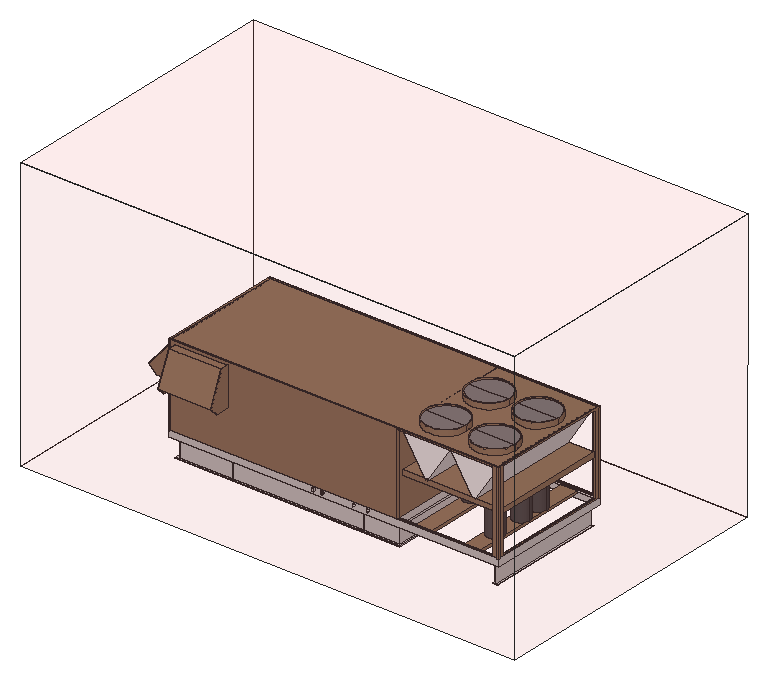
Revit family (continued)
Definition of nested family "Commercial_Comfort_Systems-Series_40-JCI-Exhaust_Standard"
  Lines and regions (in)
    model lines, style "Rain Hood", detail levels medium
      curve 11: line (-39.5, 0, 29.09375) -> (39.5, 0, 29.09375)
      curve 12: line (-39.5, 0, 0) -> (39.5, 0, 0)
      curve 13: line (-39.5, -19.60156, 6) -> (39.5, -19.60156, 6)
  Dimensions and locks (in)
    "Depth": plane 4 "Front" to plane 1 "Back"
    "Height": plane 5 "Top" to plane 2 "Bottom"
    locked: plane 4 "Front" to plane 6 "Center F/B" at 5.93
    locked: plane 7 "Bottom Inset" to plane 2 "Bottom" at 6
    locked: plane 11 "Right Inset" to plane 8 "Right" at 0.125
    locked: plane 10 "Left Inset" to plane 9 "Left" at 0.125
    "Width": plane 8 "Right" to plane 9 "Left"
    equal spacing: plane 8 "Right", plane 3 "Center (Left/Right)", plane 9 "Left"
    locked: plane 5 "Top" to plane 12 "Top Inset" at 0.1875
    locked: plane 4 "Front" to plane 13 "Front Inset" at 0.25
    equal spacing: plane 5 "Top", plane 14 "Center (Elevation)", plane 2 "Bottom"
    aligned and locked: level to plane 2 "Bottom"
    aligned and locked: plane 4 "Front" to Extrusion 1 sketch curve
    aligned and locked: plane 7 "Bottom Inset" to Extrusion 1 sketch curve
    aligned and locked: plane 6 "Center F/B" to Extrusion 1 sketch curve
    aligned and locked: Extrusion 1 sketch curve to plane 2 "Bottom"
    aligned and locked: Extrusion 1 sketch curve to plane 1 "Back"
    aligned and locked: plane 5 "Top" to Extrusion 1 sketch curve
    aligned and locked: Extrusion 1 to plane 8 "Right"
    aligned and locked: plane 11 "Right Inset" to Extrusion 1
    aligned and locked: plane 2 "Bottom" to Extrusion 2 sketch curve
    aligned and locked: plane 6 "Center F/B" to Extrusion 2 sketch curve
    aligned and locked: plane 7 "Bottom Inset" to Extrusion 2 sketch curve
    aligned and locked: plane 4 "Front" to Extrusion 2 sketch curve
    aligned and locked: Extrusion 2 sketch curve to plane 1 "Back"
    aligned and locked: Extrusion 2 sketch curve to plane 2 "Bottom"
    aligned and locked: plane 10 "Left Inset" to Extrusion 2
    aligned and locked: Extrusion 2 to plane 9 "Left"
    aligned and locked: plane 7 "Bottom Inset" to Extrusion 3 sketch curve
    aligned and locked: plane 4 "Front" to Extrusion 3 sketch curve
    aligned and locked: plane 13 "Front Inset" to Extrusion 3 sketch curve
    aligned and locked: Extrusion 3 sketch curve to plane 7 "Bottom Inset"
    aligned and locked: Extrusion 3 to plane 11 "Right Inset"
    aligned and locked: Extrusion 3 to plane 10 "Left Inset"
    aligned and locked: plane 7 "Bottom Inset" to Masking region 1 sketch curve
    aligned and locked: plane 4 "Front" to Masking region 1 sketch curve
    aligned and locked: plane 6 "Center F/B" to Masking region 1 sketch curve
    aligned and locked: plane 2 "Bottom" to Masking region 1 sketch curve
    aligned and locked: Masking region 2 sketch curve to plane 5 "Top"
    aligned and locked: plane 9 "Left" to Masking region 2 sketch curve
    aligned and locked: plane 2 "Bottom" to Masking region 2 sketch curve
    aligned and locked: plane 8 "Right" to Masking region 2 sketch curve
    aligned and locked: curve 1 to plane 7 "Bottom Inset"
    aligned and locked: plane 9 "Left" to curve 1
    aligned and locked: plane 8 "Right" to curve 1
    aligned and locked: Masking region 3 sketch curve to plane 4 "Front"
    aligned and locked: plane 8 "Right" to Masking region 3 sketch curve
    aligned and locked: plane 1 "Back" to Masking region 3 sketch curve
    aligned and locked: Masking region 3 sketch curve to plane 9 "Left"
    aligned and locked: plane 8 "Right" to curve 2
    aligned and locked: plane 9 "Left" to curve 2
    aligned and locked: plane 1 "Back" to Extrusion 1 sketch curve
    aligned and locked: Extrusion 1 to Extrusion 3 sketch curve
    aligned and locked: plane 1 "Back" to Extrusion 3 sketch curve
    aligned and locked: plane 5 "Top" to Extrusion 3 sketch curve
    aligned and locked: plane 5 "Top" to Extrusion 2 sketch curve
    aligned and locked: plane 1 "Back" to Masking region 1 sketch curve
    aligned and locked: plane 5 "Top" to Masking region 1 sketch curve
    aligned and locked: plane 6 "Center F/B" to curve 2
    aligned and locked: plane 4 "Front" to curve 4
    aligned and locked: plane 7 "Bottom Inset" to curve 8
    aligned and locked: plane 2 "Bottom" to curve 9
    aligned and locked: plane 4 "Front" to curve 9
    aligned and locked: plane 7 "Bottom Inset" to curve 10
    aligned and locked: plane 6 "Center F/B" to curve 7
    aligned and locked: plane 1 "Back" to curve 7
    aligned and locked: curve 5 to plane 2 "Bottom"
    aligned and locked: plane 2 "Bottom" to curve 3
    aligned and locked: plane 5 "Top" to curve 3
    aligned and locked: plane 1 "Back" to curve 6
    aligned and locked: curve 10 to curve 9
    aligned and locked: plane 2 "Bottom" to curve 6
    aligned and locked: plane 6 "Center F/B" to curve 5
    aligned and locked: plane 1 "Back" to curve 4
    aligned and locked: plane 5 "Top" to curve 8
    aligned and locked: plane 1 "Back" to curve 5
    aligned and locked: plane 5 "Top" to curve 6
    aligned and locked: plane 8 "Right" to curve 11
    aligned and locked: plane 8 "Right" to curve 13
    aligned and locked: plane 8 "Right" to curve 12
    aligned and locked: plane 9 "Left" to curve 11
    aligned and locked: plane 9 "Left" to curve 12
    aligned and locked: plane 9 "Left" to curve 13
    aligned and locked: curve 11 to plane 5 "Top"
    aligned and locked: curve 13 to plane 7 "Bottom Inset"
    aligned and locked: curve 12 to plane 2 "Bottom"
  Automatic sketch dimensions
    Extrusion 3 sketch curve to plane 12 "Top Inset" = 0"
Definition of nested family "Commercial_Comfort_Systems-Series_40-JCI-Compressor"
  Parameters (values of type "Compressor")
    Model = "Compressor"  # constant formula
    Manufacturer = "York"  # constant formula
    Cylinder Material = Metal - JCI - Cast Iron - Coated Black
    Assembly Code = ""
  Reference planes (in)
    plane 1 "Center (Front/Back)": y = 0
    plane 2 "Compressor Bottom": z = 0
    plane 3 "Center (Left/Right)": x = 0
    plane 4 "Compressor Top": z = 20
  Forms (in)
    Sweep 1, solid, material "Metal - JCI - Cast Iron - Coated Black" <- "Cylinder Material", detail levels fine
      path origin (0, 0, 0) x (1, 0, 0) y (0, 0, 1)
        loop
          line (0, 0) -> (0, 20)
      profile origin (0, 0, 10) x (-1, 0, 0) y (0, -1, 0)
        loop
          circle (0, 0) r 6
  Lines and regions (in)
    Masking region 1, detail levels fine
      outline origin (0, 0, 0) x (1, 0, 0) y (0, 0, 1)
        loop
          line (-6, 20) -> (-6, 0) -> (6, 0) -> (6, 20) -> (-6, 20)
    Masking region 2, detail levels fine
      outline origin (0, 0, 0) x (0, 1, 0) y (0, 0, 1)
        loop
          line (6, 20) -> (-6, 20) -> (-6, 0) -> (6, 0) -> (6, 20)
    model lines, style "Compressor Fine", detail levels medium
      curve 1: circle (0, 0, 20) r 6 normal (0, 0, 1)
      curve 2: circle (0, 0, 0) r 6 normal (0, 0, 1)
      curve 3: line (0, 6, 20) -> (0, 6, 0)
      curve 4: line (0, -6, 20) -> (0, -6, 0)
      curve 5: line (-6, 0, 20) -> (-6, 0, 0)
      curve 6: line (6, 0, 20) -> (6, 0, 0)
  Dimensions and locks (in)
    locked: curve 3 to plane 1 "Center (Front/Back)" at 6
    locked: plane 1 "Center (Front/Back)" to curve 4 at 6
    locked: curve 5 to plane 3 "Center (Left/Right)" at 6
    locked: plane 3 "Center (Left/Right)" to curve 6 at 6
    aligned and locked: plane 1 "Center (Front/Back)" to Sweep 1
    aligned and locked: curve 1 to Sweep 1
    aligned and locked: curve 2 to Sweep 1
    aligned and locked: plane 4 "Compressor Top" to curve 3
    aligned and locked: plane 4 "Compressor Top" to curve 4
    aligned and locked: plane 2 "Compressor Bottom" to curve 4
    aligned and locked: plane 2 "Compressor Bottom" to curve 3
    aligned and locked: plane 4 "Compressor Top" to curve 5
    aligned and locked: plane 4 "Compressor Top" to curve 6
    aligned and locked: plane 2 "Compressor Bottom" to curve 6
    aligned and locked: plane 2 "Compressor Bottom" to curve 5
    aligned and locked: Masking region 1 sketch curve to curve 5
    aligned and locked: Masking region 1 sketch curve to curve 1
    aligned and locked: curve 2 to Masking region 1 sketch curve
    aligned and locked: Masking region 1 sketch curve to curve 6
    aligned and locked: Masking region 2 sketch curve to plane 4 "Compressor Top"
    aligned and locked: plane 2 "Compressor Bottom" to Masking region 2 sketch curve
    aligned and locked: Masking region 2 sketch curve to curve 4
    aligned and locked: Masking region 2 sketch curve to curve 3
Definition of nested family "Commercial_Comfort_Systems-Series_40-JCI-Condenser_Fan_1"
  Parameters (values of type "Fan")
    Radius 2 = Radius - 1/4"  # 11 3/4"
    Radius = if(1 = 1, Diameter / 2, 1")  # 12"
    Height = 4"  # constant formula
    Frame Material = Paint - JCI - Powder Coated - Champagne
    Fan Blade Material = Metal - JCI - Steel - Coated Black
    Diameter = 24"
    Assembly Code = ""
    30 inch fan = Diameter = 30"  # no
  Reference planes (in)
    plane 1 "Center (Front/Back)": y = 0
    plane 2 "Bottom": z = 0
    plane 3 "Center (Left/Right)": x = 0
    plane 4 "Back": y = 12
    plane 5 "Front": y = -12
    plane 6 "Left": x = -12
    plane 7 "Right": x = 12
    plane 8 "Top": z = 4
    plane 9 "Right Inset": x = 11.75
    plane 10 "Top Inset": z = 3.5
  Forms (in)
    Revolve 1, solid, material "Metal - JCI - Steel - Coated Black" <- "Fan Blade Material", detail levels fine
      sketch origin (0, 0, 0) x (1, 0, 0) y (0, 0, 1)
        loop
          line (0, 3.5) -> (0, 0) -> (11.75, 0) -> (11.75, 3.5) -> (0, 3.5)
        axis (0, 3.5) -> (0, 0)
      angle from 0 to 360
    Revolve 2, solid, material "Paint - JCI - Powder Coated - Champagne" <- "Frame Material", detail levels fine
      sketch origin (0, 0, 0) x (1, 0, 0) y (0, 0, 1)
        loop
          line (11.75, 0) -> (12, 0) -> (12, 4) -> (11.75, 4) -> (11.75, 0)
        axis (0, 4) -> (0, 0)
      angle from 0 to 360
    Revolve 3, solid, material "Paint - JCI - Powder Coated - Champagne" <- "Frame Material", detail levels medium
      sketch origin (0, 0, 0) x (1, 0, 0) y (0, 0, 1)
        loop
          line (0, 4) -> (0, 0) -> (12, 0) -> (12, 4) -> (0, 4)
        axis (0, 4) -> (0, 0)
      angle from 0 to 360
  Lines and regions (in)
    Masking region 1
      outline origin (0, 0, 0) x (1, 0, 0) y (0, 1, 0)
        loop
          circle (0, 0) r 12
    Masking region 2
      outline origin (0, 0, 0) x (1, 0, 0) y (0, 0, 1)
        loop
          line (-12, 4) -> (-12, 0) -> (12, 0) -> (12, 4) -> (-12, 4)
    Masking region 3
      outline origin (0, 0, 0) x (0, 1, 0) y (0, 0, 1)
        loop
          line (-12, 4) -> (-12, 0) -> (12, 0) -> (12, 4) -> (-12, 4)
    model lines, style "Fan Fine", detail levels coarse
      curve 1: circle (0, 0, 0) r 12 normal (0, 0, 1)
      curve 2: circle (0, 0, 4) r 12 normal (0, 0, 1)
      curve 3: line (12, 0, 4) -> (12, 0, 0)
      curve 4: line (-12, 0, 4) -> (-12, 0, 0)
      curve 5: line (0, 12, 4) -> (0, 12, 0)
      curve 6: line (0, -12, 4) -> (0, -12, 0)
    symbolic lines, style "Fan Fine", detail levels fine
      curve 7: circle (0, 0, 0) r 11.75 normal (0, 0, 1)
  Dimensions and locks (in)
    equal spacing: plane 5 "Front", plane 1 "Center (Front/Back)", plane 4 "Back"
    "Diameter": plane 5 "Front" to plane 4 "Back"
    equal spacing: plane 6 "Left", plane 3 "Center (Left/Right)", plane 7 "Right"
    "Diameter": plane 6 "Left" to plane 7 "Right"
    "Height": plane 8 "Top" to plane 2 "Bottom"
    locked: plane 9 "Right Inset" to plane 7 "Right" at 0.25
    locked: plane 8 "Top" to plane 10 "Top Inset" at 0.5
    "Radius": plane 3 "Center (Left/Right)" to curve 1
    "Radius": curve 1 to plane 1 "Center (Front/Back)"
    "Radius": curve 2 to plane 1 "Center (Front/Back)"
    "Radius": plane 3 "Center (Left/Right)" to curve 2
    "Radius": plane 3 "Center (Left/Right)" to Masking region 1 sketch curve
    "Radius": plane 1 "Center (Front/Back)" to Masking region 1 sketch curve
    "Radius 2": plane 3 "Center (Left/Right)" to curve 7
    "Radius 2": plane 1 "Center (Front/Back)" to curve 7
    "Radius": radius of curve 1
    "Radius": radius of curve 2
    "Radius": radius of Masking region 1 sketch curve
    "Radius 2": radius of curve 7
    aligned and locked: Revolve 1 sketch curve to plane 3 "Center (Left/Right)"
    aligned and locked: Revolve 1 sketch curve to Revolve 1 sketch curve
    aligned and locked: plane 2 "Bottom" to Revolve 1 sketch curve
    aligned and locked: Revolve 2 sketch curve to plane 3 "Center (Left/Right)"
    aligned and locked: Revolve 2 sketch curve to plane 8 "Top"
    aligned and locked: plane 2 "Bottom" to Revolve 2 sketch curve
    aligned and locked: plane 7 "Right" to Revolve 2 sketch curve
    aligned and locked: Revolve 2 sketch curve to plane 9 "Right Inset"
    aligned and locked: plane 9 "Right Inset" to Revolve 1 sketch curve
    aligned and locked: Revolve 1 sketch curve to plane 10 "Top Inset"
    aligned and locked: Revolve 3 sketch curve to plane 3 "Center (Left/Right)"
    aligned and locked: Revolve 3 sketch curve to Revolve 3 sketch curve
    aligned and locked: plane 2 "Bottom" to Revolve 3 sketch curve
    aligned and locked: plane 7 "Right" to Revolve 3 sketch curve
    aligned and locked: Revolve 3 sketch curve to plane 8 "Top"
    aligned and locked: plane 2 "Bottom" to curve 3
    aligned and locked: plane 2 "Bottom" to curve 4
    aligned and locked: plane 8 "Top" to curve 3
    aligned and locked: plane 8 "Top" to curve 4
    aligned and locked: plane 7 "Right" to curve 3
    aligned and locked: curve 4 to plane 6 "Left"
    aligned and locked: plane 2 "Bottom" to curve 5
    aligned and locked: plane 8 "Top" to curve 5
    aligned and locked: plane 2 "Bottom" to curve 6
    aligned and locked: plane 8 "Top" to curve 6
    aligned and locked: curve 5 to plane 4 "Back"
    aligned and locked: plane 5 "Front" to curve 6
    aligned and locked: Masking region 2 sketch curve to plane 8 "Top"
    aligned and locked: plane 2 "Bottom" to Masking region 2 sketch curve
    aligned and locked: plane 7 "Right" to Masking region 2 sketch curve
    aligned and locked: plane 6 "Left" to Masking region 2 sketch curve
    aligned and locked: Masking region 3 sketch curve to plane 8 "Top"
    aligned and locked: Masking region 3 sketch curve to plane 4 "Back"
    aligned and locked: plane 2 "Bottom" to Masking region 3 sketch curve
    aligned and locked: Masking region 3 sketch curve to plane 5 "Front"
  Automatic sketch dimensions
    Revolve 1 sketch curve to level = 24"
    Revolve 1 sketch curve to Revolve 1 sketch curve = 87.70035"
    Revolve 2 sketch curve to level = 24"
    plane 8 "Top" to Revolve 2 sketch curve = 87.20035"
    Revolve 3 sketch curve to level = 24"
    Revolve 3 sketch curve to Revolve 3 sketch curve = 87.20035"
Definition of nested family "Commercial_Comfort_Systems-Series_40-JCI-Power_Exhaust"
  Parameters (values of type "Power Exhaust Optional")
    Width = 59 133/256"  # constant formula
    Power Exhaust = yes
    No Power Exhaust = not(Power Exhaust)  # no
    Material = Paint - JCI - Powder Coated - Champagne
    Height = 21 27/64"  # constant formula
    Depth = 20 31/256"  # constant formula
    Assembly Code = ""
  Reference planes (in)
    plane 1 "Back": y = 0
    plane 2 "Bottom": z = 0
    plane 3 "Center (Left/Right)": x = 0
    plane 4 "Front": y = -20.12109
    plane 5 "Top": z = 21.42187
    plane 6 "Center F/B": y = -14.19109
    plane 7 "Back Inset": y = -10.18359
    plane 8 "Bottom Inset": z = 6
    plane 9 "Right": x = 29.75977
    plane 10 "Left": x = -29.75977
    plane 11 "Left Inset": x = -29.63477
    plane 12 "Right Inset": x = 29.63477
    plane 13 "Top Inset": z = 21.23437
    plane 14 "Front Inset": y = -19.87109
    plane 15 "Center (Elevation)": z = 10.71094
    plane 16 "Back Offset": y = 0.5
  Forms (in)
    Extrusion 1, solid, material "Paint - JCI - Powder Coated - Champagne" <- "Material", visible <- "Power Exhaust", detail levels fine
      sketch origin (0, 0, 0) x (0, 1, 0) y (0, 0, 1)
        loop
          line (-10.18359, 21.42187) -> (-20.12109, 6) -> (-14.19109, 0) -> (0, 0) -> (0, 21.42187) -> (-10.18359, 21.42187)
      from 29.63477 to 29.75977
    Extrusion 2, solid, material "Paint - JCI - Powder Coated - Champagne" <- "Material", visible <- "Power Exhaust", detail levels fine
      sketch origin (0, 0, 0) x (0, 1, 0) y (0, 0, 1)
        loop
          line (0, 21.42187) -> (-10.18359, 21.42187) -> (-20.12109, 6) -> (-14.19109, 0) -> (0, 0) -> (0, 21.42187)
      from -29.75977 to -29.63477
    Extrusion 3, solid, material "Paint - JCI - Powder Coated - Champagne" <- "Material", visible <- "Power Exhaust", detail levels fine
      sketch origin (0, 0, 0) x (0, 1, 0) y (0, 0, 1)
        loop
          line (-10.18359, 21.42187) -> (-20.12109, 6) -> (-19.87109, 6) -> (-10.18359, 21.23437) -> (0, 21.23437) -> (0, 21.42187) -> (-10.18359, 21.42187)
      from -29.63477 to 29.63477
    Extrusion 4, solid, material "Paint - JCI - Powder Coated - Champagne" <- "Material", visible <- "No Power Exhaust", detail levels fine
      sketch origin (0, 0, 0) x (1, 0, 0) y (0, 0, 1)
        loop
          line (-29.75977, 21.42187) -> (-29.75977, 0) -> (29.75977, 0) -> (29.75977, 21.42187) -> (-29.75977, 21.42187)
      from -0.5 to 0
  Lines and regions (in)
    Masking region 1, visible <- "Power Exhaust", detail levels medium+fine
      outline origin (0, 0, 0) x (0, 1, 0) y (0, 0, 1)
        loop
          line (-10.18359, 21.42187) -> (-20.12109, 6) -> (-14.19109, 0) -> (0, 0) -> (0, 21.42187) -> (-10.18359, 21.42187)
    Masking region 2, visible <- "Power Exhaust", detail levels fine
      outline origin (0, -14.19109, 0) x (0, 0, -1) y (1, 0, 0)
        loop
          line (-21.42187, -29.75977) -> (0, -29.75977) -> (0, 29.75977) -> (-21.42187, 29.75977) -> (-21.42187, -29.75977)
    Masking region 3, visible <- "Power Exhaust", detail levels fine
      outline origin (0, 0, 0) x (1, 0, 0) y (0, 1, 0)
        loop
          line (-29.75977, 0) -> (-29.75977, -20.12109) -> (29.75977, -20.12109) -> (29.75977, 0) -> (-29.75977, 0)
    symbolic lines, style "Rain Hoods", detail levels fine
      curve 1: line (-29.75977, -10.18359, 0) -> (29.75977, -10.18359, 0)
  Dimensions and locks (in)
    "Depth": plane 4 "Front" to plane 1 "Back"
    "Height": plane 5 "Top" to plane 2 "Bottom"
    locked: plane 4 "Front" to plane 7 "Back Inset" at 9.9375
    locked: plane 4 "Front" to plane 6 "Center F/B" at 5.93
    locked: plane 8 "Bottom Inset" to plane 2 "Bottom" at 6
    locked: plane 12 "Right Inset" to plane 9 "Right" at 0.125
    locked: plane 11 "Left Inset" to plane 10 "Left" at 0.125
    "Width": plane 9 "Right" to plane 10 "Left"
    equal spacing: plane 9 "Right", plane 3 "Center (Left/Right)", plane 10 "Left"
    locked: plane 5 "Top" to plane 13 "Top Inset" at 0.1875
    locked: plane 4 "Front" to plane 14 "Front Inset" at 0.25
    equal spacing: plane 5 "Top", plane 15 "Center (Elevation)", plane 2 "Bottom"
    locked: plane 1 "Back" to plane 16 "Back Offset" at 0.5
    aligned and locked: level to plane 2 "Bottom"
    aligned and locked: plane 4 "Front" to Extrusion 1 sketch curve
    aligned and locked: plane 8 "Bottom Inset" to Extrusion 1 sketch curve
    aligned and locked: plane 6 "Center F/B" to Extrusion 1 sketch curve
    aligned and locked: Extrusion 1 sketch curve to plane 2 "Bottom"
    aligned and locked: Extrusion 1 sketch curve to plane 1 "Back"
    aligned and locked: plane 5 "Top" to Extrusion 1 sketch curve  (x2)
    aligned and locked: plane 7 "Back Inset" to Extrusion 1 sketch curve
    aligned and locked: Extrusion 1 to plane 9 "Right"
    aligned and locked: plane 12 "Right Inset" to Extrusion 1
    aligned and locked: plane 2 "Bottom" to Extrusion 2 sketch curve
    aligned and locked: plane 6 "Center F/B" to Extrusion 2 sketch curve
    aligned and locked: plane 8 "Bottom Inset" to Extrusion 2 sketch curve
    aligned and locked: plane 5 "Top" to Extrusion 2 sketch curve
    aligned and locked: plane 4 "Front" to Extrusion 2 sketch curve
    aligned and locked: plane 7 "Back Inset" to Extrusion 2 sketch curve
    aligned and locked: Extrusion 2 sketch curve to plane 5 "Top"
    aligned and locked: Extrusion 2 sketch curve to plane 1 "Back"
    aligned and locked: Extrusion 2 sketch curve to plane 2 "Bottom"
    aligned and locked: plane 11 "Left Inset" to Extrusion 2
    aligned and locked: Extrusion 2 to plane 10 "Left"
    aligned and locked: plane 8 "Bottom Inset" to Extrusion 3 sketch curve
    aligned and locked: plane 13 "Top Inset" to Extrusion 3 sketch curve  (x2)
    aligned and locked: plane 4 "Front" to Extrusion 3 sketch curve
    aligned and locked: plane 14 "Front Inset" to Extrusion 3 sketch curve
    aligned and locked: Extrusion 3 sketch curve to plane 8 "Bottom Inset"
    aligned and locked: plane 7 "Back Inset" to Extrusion 3 sketch curve  (x2)
    aligned and locked: plane 1 "Back" to Extrusion 3 sketch curve
    aligned and locked: Extrusion 3 sketch curve to plane 5 "Top"
    aligned and locked: Extrusion 3 to plane 12 "Right Inset"
    aligned and locked: Extrusion 3 to plane 11 "Left Inset"
    aligned and locked: plane 8 "Bottom Inset" to Masking region 1 sketch curve
    aligned and locked: plane 4 "Front" to Masking region 1 sketch curve
    aligned and locked: plane 5 "Top" to Masking region 1 sketch curve
    aligned and locked: plane 6 "Center F/B" to Masking region 1 sketch curve
    aligned and locked: plane 7 "Back Inset" to Masking region 1 sketch curve
    aligned and locked: plane 2 "Bottom" to Masking region 1 sketch curve
    aligned and locked: plane 1 "Back" to Masking region 1 sketch curve
    aligned and locked: Masking region 2 sketch curve to plane 5 "Top"
    aligned and locked: plane 10 "Left" to Masking region 2 sketch curve
    aligned and locked: plane 2 "Bottom" to Masking region 2 sketch curve
    aligned and locked: plane 9 "Right" to Masking region 2 sketch curve
    aligned and locked: Masking region 3 sketch curve to plane 4 "Front"
    aligned and locked: plane 9 "Right" to Masking region 3 sketch curve
    aligned and locked: plane 1 "Back" to Masking region 3 sketch curve
    aligned and locked: Masking region 3 sketch curve to plane 10 "Left"
    aligned and locked: plane 9 "Right" to curve 1
    aligned and locked: plane 10 "Left" to curve 1
    aligned and locked: plane 7 "Back Inset" to curve 1
    aligned and locked: Extrusion 4 sketch curve to plane 5 "Top"
    aligned and locked: plane 9 "Right" to Extrusion 4 sketch curve
    aligned and locked: plane 10 "Left" to Extrusion 4 sketch curve
    aligned and locked: plane 2 "Bottom" to Extrusion 4 sketch curve
    aligned and locked: plane 1 "Back" to Extrusion 4
    aligned and locked: Extrusion 4 to plane 16 "Back Offset"
Definition of nested family "Commercial_Comfort_Systems-Series_40-JCI-Screen_Door_Detail"
  Parameters (values of type "Screen")
    Width = 32"
    Depth = 34"
    Assembly Code = ""
  Reference planes (in)
    plane 1 "Center (Front/Back)": y = 0
    plane 2: z = 0
    plane 3 "Center (Left/Right)": x = 0
    plane 4 "Left": x = -16
    plane 5 "Back": y = 17
    plane 6 "Right": x = 16
    plane 7 "Front": y = -17
  Lines and regions (in)
    Filled region 1, type "Concrete Block", in view "Ref. Level"
      outline origin (0, 0, 0) x (1, 0, 0) y (0, 1, 0)
        loop
          line (-16, 17) -> (-16, -17) -> (16, -17) -> (16, 17) -> (-16, 17)
  Dimensions and locks (in)
    equal spacing: plane 7 "Front", plane 1 "Center (Front/Back)", plane 5 "Back"
    "Depth": plane 7 "Front" to plane 5 "Back"
    equal spacing: plane 4 "Left", plane 3 "Center (Left/Right)", plane 6 "Right"
    "Width": plane 4 "Left" to plane 6 "Right"
    aligned and locked: Filled region 1 sketch curve to plane 4 "Left"
    aligned and locked: Filled region 1 sketch curve to plane 5 "Back"
    aligned and locked: Filled region 1 sketch curve to plane 6 "Right"
    aligned and locked: Filled region 1 sketch curve to plane 7 "Front"
